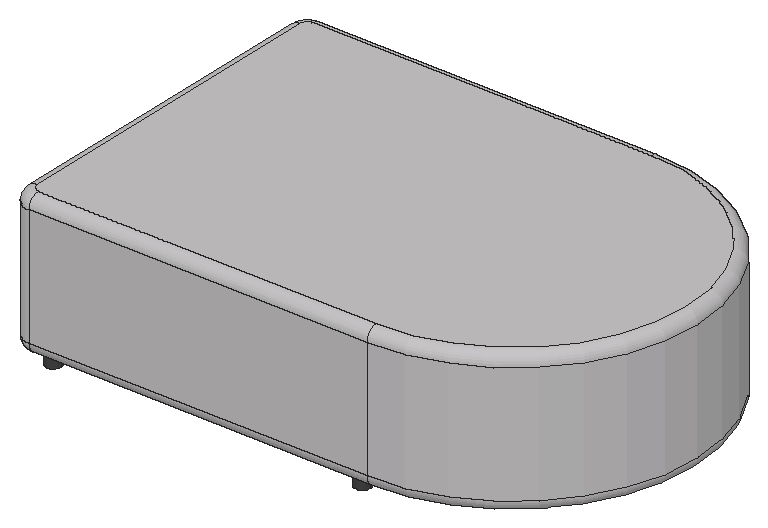
Revit family "FU_Chair_Sandler_ENTROPY_ENT0040TA", category Furniture, Revit 2020
Family settings
  OmniClass Number = 23.21.23.15.17
  Work Plane-Based = Yes
  Always vertical = No
  Cut with Voids When Loaded = No
  Shared = No
  Room Calculation Point = No
Parameters (values of type "ENTROPY ENT0040TA")
  Youtube clip = ""
  Width = 1450.000 mm  # constant formula
  Uniformat II Description = "Movable Furnishings"
  Uniformat II Code = ""
  Uniclass 2015 Name = ""
  Uniclass 2015 Code = ""
  Uniclass 2.0 Description = ""
  Uniclass 2.0 Code = ""
  Uniclass 1.4 Description = ""
  Uniclass 1.4 Code = ""
  UNSPSC Code = ""
  Technical description = ""
  Seat Material = Leather - Gaja - 60005
  Frame Material = Steel - Frame - Black
  Region South America = "All"
  Region Oceania = "All"
  Region North America = "All"
  Region Middle East = "All"
  Region Europe = "All"
  Region Asia = "All"
  Region Antarctica = "All"
  Region Africa = "All"
  QR code = ""
  Product url = "https://www.sandlerseating.com/product/ent0040ta/"
  Product name = ""
  Product group = "Chair"
  Product family = "Furniture"
  Product data url = "https://www.sandlerseating.com/product/ent0040ta/"
  Product certification = ""
  Product SKU = ""
  Product Guid = ""
  OmniClass Description = ""
  OmniClass Code = "23-21 23 15 17"
  NBS Reference Description = ""
  NBS Reference Code = ""
  Model = "ENTROPY ENT0040TA"
  Masterformat 2014 Description = "Chair Mats"
  Masterformat 2014 Code = "12 48 43.13"
  Manufacturer name = "Sandler"
  Manufacturer country = "UK"
  Manufacturer = "Sandler"
  Installation instructions = ""
  IFC Classification = "Furnishing Element"
  GTIN code = ""
  Edition number = 1
  Design country = "UK"
  Description = "Chair"
  Depth = 950.000 mm  # constant formula
  Default Elevation = 0.000 mm
  Date of publishing = ""
  COBIe Type Category = ""
  Brand url = "https://www.sandlerseating.com/"
  BIMobject main category code = "furniture"
  BIMobject main category = "Furniture"
  BIMobject category code = "furniture-chair"
  BIMobject category = "Chair"
Reference planes
  plane 1 "Center Front/Back": y = 0
  plane 2: z = 0
  plane 3 "Center Left/Right": x = 0
  plane 4: y = 475
  plane 5: y = -475
  plane 6: x = -725
  plane 7: x = 725
  plane 8: z = 410
  plane 9: z = 40
  plane 10: x = -687.5
  plane 11: x = 687.5
  plane 12: y = -437.5
  plane 13: y = 437.5
Forms (mm)
  Extrusion 1, solid, material "Leather - Gaja - 60005" <- "Seat Material"
    sketch origin (0, 0, 0) x (1, 0, 0) y (0, 1, 0)
      loop
        arc (-675, 475) -> (-710.355, 460.355) -> (-725, 425) r 50
        line (-725, 425) -> (-725, -425)
        arc (-725, -425) -> (-710.355, -460.355) -> (-675, -475) r 50
        line (-675, -475) -> (200, -475)
        arc (200, -475) -> (675, 0) -> (200, 475) r 475
        line (200, 475) -> (-675, 475)
    from 40 to 410
  Extrusion 2, solid, material "Steel - Frame - Black" <- "Frame Material"
    sketch origin (0, 0, 0) x (1, 0, 0) y (0, 1, 0)
      loop
        circle (-662.5, 412.5) r 20
      loop
        circle (-662.5, -412.5) r 20
      loop
        circle (137.5, 412.5) r 20
      loop
        circle (137.5, -412.5) r 20
    from 0 to 40
  Sweep 3, void
    path in 3D
      loop
        arc (-725, -425, 410) -> (-710.355, -460.355, 410) -> (-675, -475, 410) r 50
        line (-675, -475, 410) -> (200, -475, 410)
        arc (200, -475, 410) -> (675, 0, 410) -> (200, 475, 410) r 475
        line (200, 475, 410) -> (-675, 475, 410)
        arc (-675, 475, 410) -> (-710.355, 460.355, 410) -> (-725, 425, 410) r 50
        line (-725, 425, 410) -> (-725, -425, 410)
    profile origin (-725, 0, 410) x (1, 0, 0) y (0, 0, 1)
      loop
        line (0, 0) -> (0, -30)
        arc (0, -30) -> (8.787, -8.787) -> (30, 0) r 30
        line (30, 0) -> (0, 0)
      loop
        line (0, -370) -> (30, -370)
        arc (30, -370) -> (8.787, -361.213) -> (0, -340) r 30
        line (0, -340) -> (0, -370)
Cuts and joins
  Sweep 3 cuts Extrusion 1
Lines and regions (mm)
  sketch lines
    curve 1: line (-725, 425, 410) -> (-725, -425, 410)
    curve 2: arc (-675, -475, 410) -> (-710.355, -460.355, 410) -> (-725, -425, 410) r 50
    curve 3: line (-675, -475, 410) -> (200, -475, 410)
    curve 4: arc (200, 475, 410) -> (675, 0, 410) -> (200, -475, 410) r 475
    curve 5: line (200, 475, 410) -> (-675, 475, 410)
    curve 6: arc (-725, 425, 410) -> (-710.355, 460.355, 410) -> (-675, 475, 410) r 50
Dimensions and locks
  equal spacing: plane 4, plane 1 "Center Front/Back", plane 5
  "Depth": plane 4 to plane 5
  equal spacing: plane 6, plane 3 "Center Left/Right", plane 7
  "Width": plane 6 to plane 7
  locked: plane 11 to plane 7 at 37.5
  locked: plane 6 to plane 10 at 37.5
  locked: plane 4 to plane 13 at 37.5
  locked: plane 12 to plane 5 at 37.5
  aligned and locked: level to plane 2
  aligned and locked: Extrusion 1 sketch curve to plane 4
  aligned and locked: plane 5 to Extrusion 1 sketch curve
Automatic sketch dimensions
  Extrusion 1 sketch curve to plane 6 = 0.000 mm
  plane 10 to Extrusion 1 sketch curve = 12.500 mm  (x2)
  plane 3 "Center Left/Right" to Extrusion 1 sketch curve = 200.000 mm
  plane 10 to Extrusion 2 sketch curve = 25.000 mm  (x2)
  Extrusion 2 sketch curve to plane 13 = 25.000 mm  (x2)
  plane 3 "Center Left/Right" to Extrusion 2 sketch curve = 137.500 mm  (x2)
  plane 12 to Extrusion 2 sketch curve = 25.000 mm  (x2)
  profile plane to Sweep 3 sketch curve = 0.000 mm  (x2)
  Sweep 3 sketch curve to profile plane = 0.000 mm
  Sweep 3 sketch curve to Sweep 3 sketch curve = 30.000 mm
  Sweep 3 sketch curve to profile plane = 30.000 mm
  Sweep 3 sketch curve to Sweep 3 sketch curve = 310.000 mm
  radius of Extrusion 2 sketch curve = 20.000 mm  (x4)
